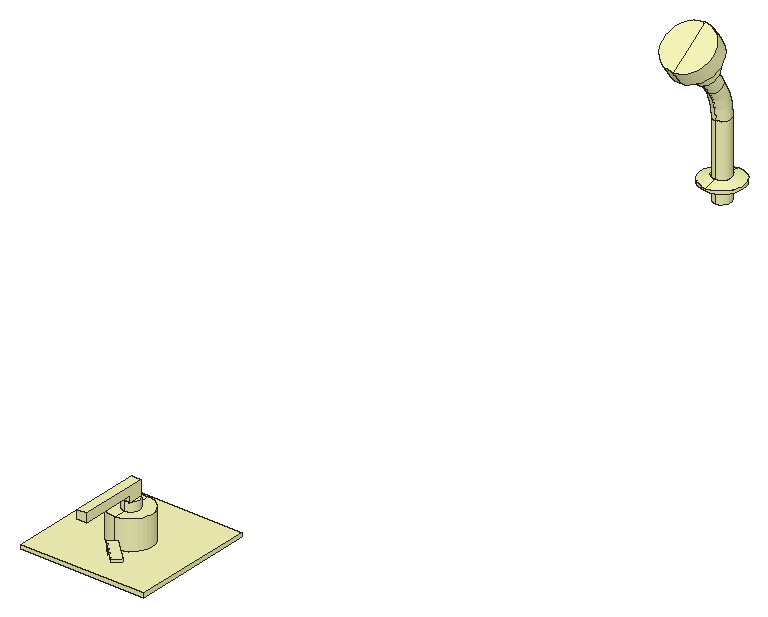
Revit family "Shower_System-Symmons-Duro-Shower-Volume_Control-Trim", category Plumbing Fixtures, host Face, Revit 2015
Parameters (values of type "2.5 GPM Flow Restrictor, Trim, Satin Nickel")
  z Wide Lever [instance] = if(z Has Wide Lever Handle, 1, 0)  # 0
  z Visibility [instance] = if(z Error, 1 = 0, 1 = 1)  # yes
  z Valve = Shower_System_Valve-Symmons-Duro-Shower-Trim : Shower Valve Sytem, Nickel
  z Type Option = 1
  z Type Model = if(z Error, 0, if(z Has Trim, 2, if(z Has Rebuild Kit Trim Only, 3, 1)))  # 2
  z Type GPM = 2.5  # constant formula
  z Type Finish = if(or(z Type = 1, z Type = 3), 1, 2)  # 2
  z Type = 2
  z Slip On Tub [instance] = if(z Has Slip On Tub Spout, 1, 0)  # 0
  z Showerhead = Showerhead-Symmons-Duro-Round : Satin Nickel
  z Reverse Core [instance] = if(z Has Reverse Core, 1, 0)  # 0
  z Pipe Radius [instance] = 0.250"  # constant formula
  z Part Number = if(and(z Type Finish = 1, z Type Model = 1), "S-3601", if(and(z Type Finish = 1, z Type Model = 2), "S-3601-TRM", if(and(z Type Finish = 1, z Type Model = 3), "S-3601-REB-TRM", if(and(z Type Finish = 2, z Type Model = 1), "S-3601-STN", if(and(z Type Finish = 2, z Type Model = 2), "S-3601-STN-TRM", if(and(z Type Finish = 2, z Type Model = 3), "S-3601-STN-REB-TRM", "Not Available"))))))  # "S-3601-STN-TRM"
  z Part Description = if(and(z Type Finish = 1, z Type Model = 1), "Shower System, With Volume Control, Chrome", if(and(z Type Finish = 1, z Type Model = 2), "Trim only, mixing valve ordered separately, Chrome", if(and(z Type Finish = 1, z Type Model = 3), "Rebuild kit, Trim only, Chrome", if(and(z Type Finish = 2, z Type Model = 1), "Shower System, With Volume Control, Satin Nickel", if(and(z Type Finish = 2, z Type Model = 2), "Trim only, mixing valve ordered separately, Satin Nickel", if(and(z Type Finish = 2, z Type Model = 3), "Rebuild kit, Trim only, Satin Nickel", "Not Available"))))))  # "Trim only, mixing valve ordered separately, Satin Nickel"
  z Overall Width [instance] = 7.500"  # constant formula
  z Overall Height [instance] = 57.000"  # constant formula
  z Overall Depth [instance] = 9.325"  # constant formula
  z Offset [instance] = 0.000"  # constant formula
  z Integral Service Stops [instance] = if(z Has Integral Service Stops, 1, 0)  # 0
  z Has Wide Lever Handle [instance] = 1 = 0  # no
  z Has Volume Control [instance] = 1 = 1  # yes
  z Has Trim = z Type Option = 1  # yes
  z Has Slip On Tub Spout [instance] = 1 = 0  # no
  z Has Showerhead [instance] = 1 = 1  # yes
  z Has Reverse Core [instance] = 1 = 0  # no
  z Has Rebuild Kit Trim Only = z Type Option = 2  # no
  z Has Integral Service Stops [instance] = 1 = 0  # no
  z Has Check Stops [instance] = 1 = 0  # no
  z Has 2.0 GPM Flow Restrictor [instance] = 1 = 0  # no
  z Has 1.5 GPM Flow Restrictor [instance] = 1 = 0  # no
  z Has .5 Inch Female Connections [instance] = 1 = 0  # no
  z GPM Number = 2.5  # constant formula
  z GPM GPM = 1.000 GPM
  z Flow Rate [instance] = if(z Has 2.0 GPM Flow Restrictor, 2, if(z Has 1.5 GPM Flow Restrictor, 1, 0))  # 0
  z Error Text = "Error: Rebuild Kit already comes with trim"  # constant formula
  z Error Box Width [instance] = if(z Error, z Overall Width + 5.000", 0.100")  # 0.100"
  z Error Box Height [instance] = if(z Error, z Overall Height + 5.000", 0.100") / 2  # 0.050"
  z Error Box Depth [instance] = if(z Error, z Overall Depth + 5.000", 0.100")  # 0.100"
  z Error = and(z Has Trim, z Has Rebuild Kit Trim Only)  # no
  z .5 Inch Female Connections [instance] = if(z Has .5 Inch Female Connections, 1, 0)  # 0
  z  Showerhead [instance] = if(z Has Showerhead, 1, 0)  # 1
  URL = "http://www.symmons.com/"
  Product data url = "https://bimobject.com/symmonsindustries/product/symmons-s-3601"
  Product Page URL = "http://www.symmons.com/Bathroom-Products/Duro/Symmons-Duro-Shower-System-S-3601.aspx"
  Product Material = Nickel - Symmons - Satin
  Product Documentation Link = "http://www.symmons.com/~/media/Files/Symmons/Products/Duro/S3601_Duro_sub.pdf"
  Part Number [instance] = if(z Error, z Error Text, z Part Number)  # "S-3601-STN-TRM"
  Part Description [instance] = if(z Error, z Error Text, z Part Description)  # "Trim only, mixing valve ordered separately, Satin Nickel"
  Model Disclaimer = "Contact Symmons Industries, Inc. For More Information"  # constant formula
  Model = if(z Error, z Error Text, z Part Number)  # "S-3601-STN-TRM"
  Manufacturer = "Symmons Industries, Inc."  # constant formula
  Gallons Per Minute = z GPM GPM * z GPM Number  # 2.500 GPM
  Family Version = "1.0"  # constant formula
  Equipment Number [instance] = ""
  Equipment Abbreviation = "SS"
  Description = if(z Error, z Error Text, z Part Description)  # "Trim only, mixing valve ordered separately, Satin Nickel"
  Default Elevation = 32.000"  # constant formula
  Date Modified = "January 30, 2015"  # constant formula
  Date Created = "January 30, 2015"  # constant formula
  Copyright = "©2015 Symmons Industries, Inc."  # constant formula
Reference planes (in)
  plane 1 "Center (Front/Back)": y = 0
  plane 2 "Center (Elevation)": z = 0
  plane 3 "Center (Left/Right)": x = 0
  plane 4: x = -3.75
  plane 5: y = 28.5
  plane 6: x = 3.75
  plane 7: z = 0
  plane 8: z = 9.325
  plane 9: y = -12
  plane 10: y = 45
  plane 11: z = 0.1
Dimensions and locks (in)
  equal spacing: plane 4, plane 3 "Center (Left/Right)", plane 6
  "z Overall Width": plane 4 to plane 6
  plane 5 to plane 1 "Center (Front/Back)" = 28.500"
  "z Offset": plane 7 to plane 2 "Center (Elevation)"
  "z Overall Depth": plane 8 to plane 7
  locked: plane 1 "Center (Front/Back)" to plane 9 at 12
  locked: plane 10 to plane 1 "Center (Front/Back)" at 45
  "z Error Box Depth": plane 11 to plane 7
  plane 10 to plane 9 = 57.000"
  aligned and locked: plane 2 "Center (Elevation)" to host face
  aligned and locked: level to host face
  aligned and locked: nested 1 to plane 10
  aligned and locked: plane 3 "Center (Left/Right)" to nested 1
  aligned and locked: plane 1 "Center (Front/Back)" to nested 2
  aligned and locked: plane 3 "Center (Left/Right)" to nested 2
Automatic sketch dimensions
  host sketch curve to host sketch curve = 13.25562"
  host sketch curve to host sketch curve = 53.94283"
Nested families (in)
  nested 1: "Showerhead-Symmons-Duro-Round" at (0, 45, 0), visible <- "z Visibility", type <- "z Showerhead", type "Satin Nickel"
    with z Visible Arm yes, z Visible yes, z Type Arm 2, z Showerhead Position Tilt 34.000°, z Showerhead Position Height 1.250", z Showerhead Position Depth 7.500", z Pipe Radius 0.500", z Overall Width 2.500", z Overall Height 2.500", z Overall Depth 7.500", z Offset 1.000", z Has Short Shower Arm and Flange no, z Has No Shower Arm and Flange no, z Has Long Shower Arm and Flange no, z Error Size 0.125", z Error Message "Error: Medium Shower Arm and Flange Not Available in Satin Nickel", z Error no, Part Number "362SH-STN", Part Description "Showerhead, Round, Satin Nickel", Has Medium Shower Arm and Flange yes, Gallons Per Minute 2.500 GPM, Equipment Number "", Accessory Part Number "Error: Medium Shower Arm and Flange Not Available in Satin Nickel", z Type Material 2
  nested 2: "Shower_System_Valve-Symmons-Duro-Shower-Trim" at (0, 0, 0), Has Wide Lever Handle <- "z Has Wide Lever Handle", Has Trim Only <- "z Has Trim", Has Volume Control <- "z Has Volume Control", Has Reverse Core <- "z Has Reverse Core", Has Integral Service Stops <- "z Has Integral Service Stops", Has Check Stops <- "z Has Check Stops", Has .5 Inch Female IPS Connections <- "z Has .5 Inch Female Connections", visible <- "z Visibility", type <- "z Valve", type "Shower Valve Sytem, Nickel"
    with z VC Visibility yes, z VC Type 1, z Type Wide Lever 0, z Type Service Stop 0, z Type Reverse Core 0, z Type Model 6, z Type IPS Connection 0, z Type Check Stops 0, z Type All 6000002, z Trim Visibility yes, z Pipe Radius 0.250", z Overall Width 7.500", z Overall Height 7.500", z Overall Depth 6.875", z Offset 3.500", z Mixer Valve Visibility no, z Hot Cold Placement 4.000", z Error Type 1, z Error Box Width 0.100", z Error Box Height 0.100", z Error Box Depth 0.100", z Error no, z  Reverse Core Placement 1.750", Part Number "S-3600-TRM-STN", Part Description "Trim only, mixing valve ordered separately,Nickel", Option Selection "Trim Only", Modification Selection "Volume Control", Has Wide Lever Handle no, Has Volume Control yes, Has Trim Only yes, Has Reverse Core no, Has Rebuild Kit Trim Only no, Has Integral Service Stops no, Has Check Stops no, Has .5 Inch Female IPS Connections no, Equipment Number "", Desired Hot Cold Pipe Width 4.000", Actual Hot Cold Pipe Width 4.000", z Type Finish 2
Connectors (in)
  piping at (0, 45, -1), diameter 0.5, driven by "z Pipe Radius", driven by "Gallons Per Minute"
    settings: on nested 1, index 1, connector inside diameter 1/2", connector length 0.000", flow factor 0, pipe flow 2.500 GPM, pressure drop 0.00 psi, fitting loss kfactor 0, connector angle 0.000°, fixture units 0, engagement length 0.000", angle of deflection 0.000°, flow configuration 0, flow direction 1, fitting loss method 0, system type 29, joint type 0, gender type 0, connector reference index -1, connector utility 0, adjustable connector no, is connector primary yes, connector description "Showerhead Supply"
Definition of nested family "Showerhead-Symmons-Duro-Round"
  Parameters
    z Visible Arm [instance] = and(not(z Error), not(z Type Arm = 0))  # yes
    z Visible [instance] = and(not(z Error))  # yes
    z Type Material = 1
    z Type GPM = 2.5
    z Type Arm [instance] = if(z Has Short Shower Arm and Flange, 1, if(Has Medium Shower Arm and Flange, 2, if(z Has Long Shower Arm and Flange, 3, 0)))  # 2
    z Showerhead Position Tilt [instance] = if(z Type Arm = 0, 0.000°, 34.000°)  # 34.000°
    z Showerhead Position Height [instance] = if(z Type Arm = 0, 0.000", 1.250")  # 1.250"
    z Showerhead Position Depth [instance] = if(z Type Arm = 0, z Offset, z Overall Depth)  # 7.500"
    z Pipe Radius [instance] = 0.500"  # constant formula
    z Overall Width [instance] = 2.500"  # constant formula
    z Overall Height [instance] = 2.500"  # constant formula
    z Overall Depth [instance] = if(z Type Arm = 1, 5.125", if(z Type Arm = 2, 7.500", if(z Type Arm = 3, 9.000", 7.500")))  # 7.500"
    z Offset [instance] = 1.000"  # constant formula
    z Has Short Shower Arm and Flange [instance] = 1 = 0  # no
    z Has No Shower Arm and Flange [instance] = not(or(z Has Short Shower Arm and Flange, Has Medium Shower Arm and Flange, z Has Long Shower Arm and Flange))  # no
    z Has Long Shower Arm and Flange [instance] = 1 = 0  # no
    z GPM Number = z Type GPM  # 2.5
    z GPM GPM = 1.000 GPM
    z Error Size [instance] = if(z Error, 15.000", 0.125")  # 0.125"
    z Error Message [instance] = if(Has Medium Shower Arm and Flange, if(z Type Material = 2, "Error: Medium Shower Arm and Flange Not Available in Satin Nickel", if(z Has Short Shower Arm and Flange, "Error: Select One Shower Arm and Flange Option", if(z Has Long Shower Arm and Flange, "Error: Select One Shower Arm and Flange Option", "No Error"))), if(z Has Long Shower Arm and Flange, if(z Has Short Shower Arm and Flange, "Error: Select One Shower Arm and Flange Option", "No Error"), "No Error"))  # "No Error"
    z Error [instance] = 1 = 0  # no
    URL = "http://www.symmons.com/"
    Product Page URL = "http://www.symmons.com/Bathroom-Products/Duro/Symmons-Duro-Showerhead-362SH.aspx"
    Product Material = none
    Product Documentation Link = "http://www.symmons.com/Bathroom-Products/Duro/Symmons-Duro-Showerhead-362SH.aspx"
    Part Number [instance] = Model  # "362SH"
    Part Description [instance] = Description  # "Showerhead, Round, Chrome"
    Model Disclaimer = "Contact Symmons Industries, Inc. For More Information"  # constant formula
    Model = if(and(z Type Material = 1, z Type GPM = 2.5), "362SH", if(and(z Type Material = 1, z Type GPM = 2), "362SH-2.0", if(and(z Type Material = 2, z Type GPM = 2.5), "362SH-STN", if(and(z Type Material = 2, z Type GPM = 2), "362SH-STN-2.0", "Not Available"))))  # "362SH"
    Manufacturer = "Symmons Industries, Inc."  # constant formula
    Has Medium Shower Arm and Flange [instance] = yes
    Gallons Per Minute [instance] = z GPM GPM * z GPM Number  # 2.500 GPM
    Family Version = "1.0"  # constant formula
    Equipment Number [instance] = ""
    Equipment Abbreviation = "SH"
    Description = if(and(z Type Material = 1, z Type GPM = 2.5), "Showerhead, Round, Chrome", if(and(z Type Material = 1, z Type GPM = 2), "Showerhead, Round, Chrome", if(and(z Type Material = 2, z Type GPM = 2.5), "Showerhead, Round, Satin Nickel", if(and(z Type Material = 2, z Type GPM = 2), "Showerhead, Round, Satin Nickel ", "Not Available"))))  # "Showerhead, Round, Chrome"
    Default Elevation = 77.000"  # constant formula
    Date Modified = "January 30, 2015"  # constant formula
    Date Created = "January 30, 2015"  # constant formula
    Copyright = "©2015 Symmons Industries, Inc."  # constant formula
    Accessory Part Number [instance] = if(z Error, z Error Message, if(z Has Short Shower Arm and Flange, if(z Type Material = 1, "300S", if(z Type Material = 2, "300S-STN", "Not Available")), if(Has Medium Shower Arm and Flange, if(z Type Material = 1, "300M", "Error: Medium Shower Arm and Flange Not Available in Satin Nickel"), if(z Has Long Shower Arm and Flange, if(z Type Material = 1, "300PNL", if(z Type Material = 2, "300PNL-STN", "Not Available")), "No Accessory Selected"))))  # "300M"
  Reference planes (in)
    plane 1 "Center (Front/Back)": y = 0
    plane 2 "Center (Elevation)": z = 0
    plane 3 "Center (Left/Right)": x = 0
    plane 4: x = -1.25
    plane 5: y = 1.25
    plane 6: y = -1.25
    plane 7: x = 1.25
    plane 8: z = -1
    plane 9: z = 6.5
    plane 10: z = 0
    plane 11: y = -0.5
    plane 12: z = 0.33234
    plane 13: z = 0.15
    plane 14: y = -0.5695
    plane 15: x = 0.0625
    plane 16: x = -0.0625
    plane 17: y = 0.0625
    plane 18: y = -0.0625
    plane 19: z = 0.125
    plane 20: z = 6.5
    plane 21: y = -1.25
  Forms (in)
    Extrusion 1, solid
      sketch origin (0, 0, 0) x (1, 0, 0) y (0, 1, 0)
        loop
          line (-12, 12) -> (-12, -12) -> (12, -12) -> (12, 12) -> (-12, 12)
      from 0 to -1
    Revolve 2, solid, material <- "Product Material", visible <- "z Visible Arm"
      sketch origin (0, 0, 0) x (0, 1, 0) y (0, 0, 1)
        loop
          line (-0.5, -1) -> (0, -1) -> (0, 0.33234) -> (-0.5695, 0.33234) -> (-1.25, 0.15) -> (-1.25, 0) -> (-0.5, 0) -> (-0.5, -1)
        axis (0, -1) -> (0, 0.33234)
      angle from 0 to 360
    Sweep 3, solid, material <- "Product Material", visible <- "z Visible Arm"
      path origin (0, 0, 0) x (0, 1, 0) y (0, 0, 1)
        loop
          line (0, 0.33234) -> (0, 3.54066)
          arc (0, 3.54066) -> (-0.15794, 4.59778) -> (-0.61795, 5.56257) r 3.61676
          line (-0.61795, 5.56257) -> (-1.25, 6.5)
      profile origin (0, 0, 1.9365) x (0, -1, 0) y (1, 0, 0)
        loop
          circle (0, 0) r 0.5
    Revolve 4, solid, material <- "Product Material", visible <- "z Visible"
      sketch origin (0, -1.25, 6.5) x (0, -0.559193, 0.829038) y (0, -0.829038, -0.559193)
        loop
          line (0, 0) -> (2.30603, 0) -> (2.30603, 1.5) -> (1.33882, 1.5) -> (0.75, 0.75) -> (0, 0.75) -> (0, 0)
        axis (0, 0) -> (2.30603, 0)
      angle from 0 to 360
    Extrusion 5, solid, visible <- "z Error"
      sketch origin (0, 0, 0) x (1, 0, 0) y (0, 1, 0)
        loop
          line (-0.0625, 0.0625) -> (-0.0625, -0.0625) -> (0.0625, -0.0625) -> (0.0625, 0.0625) -> (-0.0625, 0.0625)
      from 0 to 0.125
  Cuts and joins
    joined: Revolve 2, Sweep 3
  Lines and regions (in)
    Masking region 1
      outline origin (0, 0, 0) x (1, 0, 0) y (0, 0, 1)
        loop
          line (-1.25, 0) -> (-0.5, 0) -> (-0.5, -1) -> (0.5, -1) -> (0.5, 0) -> (1.25, 0) -> (1.25, 0.14959) -> (0.5695, 0.33234) -> (0.5, 0.33234) -> (0.5, 6.26256)
          spline (0.5, 6.26256) -> (0.53792, 6.27801) -> (0.5732, 6.29456) -> (0.60567, 6.31211) -> (0.63516, 6.33059) -> (0.66153, 6.3499) -> (0.68465, 6.36995) -> (0.70441, 6.39063) -> (0.72072, 6.41185) -> (0.73348, 6.43351) -> (0.74264, 6.45549) -> (0.74816, 6.47769) -> (0.75, 6.5)
          line (0.75, 6.5) -> (0.75, 7.07479) -> (1.25, 7.36347) -> (1.49591, 7.60938) -> (1.49591, 8.60938)
          spline (1.49591, 8.60938) -> (1.44494, 8.76866) -> (1.2955, 8.91709) -> (1.05777, 9.04454) -> (0.74795, 9.14235) -> (0.38717, 9.20383) -> (0, 9.2248) -> (-0.38717, 9.20383) -> (-0.74795, 9.14235) -> (-1.05777, 9.04454) -> (-1.2955, 8.91709) -> (-1.44494, 8.76866) -> (-1.49591, 8.60938)
          line (-1.49591, 8.60938) -> (-1.49591, 7.60938) -> (-1.25, 7.36347) -> (-0.75, 7.07479) -> (-0.75, 6.5)
          spline (-0.75, 6.5) -> (-0.74816, 6.47769) -> (-0.74264, 6.45549) -> (-0.73348, 6.43351) -> (-0.72072, 6.41185) -> (-0.70441, 6.39063) -> (-0.68465, 6.36995) -> (-0.66153, 6.3499) -> (-0.63516, 6.33059) -> (-0.60567, 6.31211) -> (-0.5732, 6.29456) -> (-0.53792, 6.27801) -> (-0.5, 6.26256)
          line (-0.5, 6.26256) -> (-0.5, 0.33234) -> (-0.5695, 0.33234) -> (-1.25, 0.14959) -> (-1.25, 0)
    reference lines
      curve 1: line (0, -1.25, 6.5) -> (0, -2.53951, 8.41178)
    symbolic lines, detail levels fine
      curve 2: line (-0.5, 0, 0.33234) -> (0.5, 0, 0.33234)
      curve 3: line (-1.25, 0, 0.14959) -> (1.25, 0, 0.14959)
      curve 4: spline (-0.5, 0, 6.26256) -> (-0.67885, 0, 6.36457) -> (-0.74948, 0, 6.48818) -> (-0.70063, 0, 6.61367) -> (-0.54008, 0, 6.72104) -> (-0.29343, 0, 6.79317) -> (0, 0, 6.81857) -> (0.29343, 0, 6.79317) -> (0.54008, 0, 6.72104) -> (0.70063, 0, 6.61367) -> (0.74948, 0, 6.48818) -> (0.67885, 0, 6.36457) -> (0.5, 0, 6.26256)
      curve 5: spline (-1.49591, 1.25, 7.60938) -> (-1.44494, 1.25, 7.80085) -> (-1.2955, 1.25, 7.97927) -> (-1.05777, 1.25, 8.13249) -> (-0.74795, 1.25, 8.25006) -> (-0.38717, 1.25, 8.32397) -> (0, 1.25, 8.34917) -> (0.38717, 1.25, 8.32397) -> (0.74795, 1.25, 8.25006) -> (1.05777, 1.25, 8.13249) -> (1.2955, 1.25, 7.97927) -> (1.44494, 1.25, 7.80085) -> (1.49591, 1.25, 7.60938)
      curve 6: spline (-0.5, 1.25, 6.5) -> (-0.48296, 1.25, 6.55497) -> (-0.43301, 1.25, 6.60619) -> (-0.35355, 1.25, 6.65017) -> (-0.25, 1.25, 6.68392) -> (-0.12941, 1.25, 6.70514) -> (0, 1.25, 6.71238) -> (0.12941, 1.25, 6.70514) -> (0.25, 1.25, 6.68392) -> (0.35355, 1.25, 6.65017) -> (0.43301, 1.25, 6.60619) -> (0.48296, 1.25, 6.55497) -> (0.5, 1.25, 6.5)
      curve 7: line (-0.5, 1.25, 6.5) -> (-0.5, 1.25, 6.26256)
      curve 8: line (0.5, 1.25, 6.5) -> (0.5, 1.25, 6.26256)
  Dimensions and locks (in)
    equal spacing: plane 4, plane 3 "Center (Left/Right)", plane 7
    "z Overall Width": plane 4 to plane 7
    equal spacing: plane 5, plane 1 "Center (Front/Back)", plane 6
    "z Overall Height": plane 5 to plane 6
    "z Overall Depth": plane 9 to plane 8
    plane 12 to plane 13 to plane 10 to plane 8 = 0.18234" locked, 0.150" locked, 1.000" locked
    plane 6 to plane 14 to plane 11 = 0.6805" locked, 0.0695" locked
    "z Offset": plane 2 "Center (Elevation)" to plane 8
    plane 9 to Sweep 3 sketch curve to Sweep 3 sketch curve = 0.93743" locked, 2.0219" locked
    Sweep 3 sketch curve to Sweep 3 sketch curve to plane 1 "Center (Front/Back)" = 0.63205" locked, 0.61795" locked
    equal spacing: plane 16, plane 3 "Center (Left/Right)", plane 15
    equal spacing: plane 18, plane 1 "Center (Front/Back)", plane 17
    "z Error Size": plane 16 to plane 15
    "z Error Size": plane 17 to plane 18
    "z Error Size": plane 19 to plane 2 "Center (Elevation)"
    "z Showerhead Position Height": plane 21 to plane 1 "Center (Front/Back)"
    "z Showerhead Position Depth": plane 20 to plane 8
    curve 1 to Revolve 4 sketch curve to Revolve 4 sketch curve = 0.750" locked, 0.750" locked
    Revolve 4 sketch curve to Revolve 4 sketch curve to Revolve 4 sketch curve = 0.58882" locked, 0.96721" locked
    Masking region 1 sketch curve to Masking region 1 sketch curve to Masking region 1 sketch curve to Masking region 1 sketch curve to Masking region 1 sketch curve to Masking region 1 sketch curve to Masking region 1 sketch curve to Masking region 1 sketch curve to Masking region 1 sketch curve to Masking region 1 sketch curve = 0.74591" locked, 0.1805" locked, 0.0695" locked, 0.000" locked, 1.000" locked, 0.000" locked, 0.0695" locked, 0.1805" locked, 0.74591" locked
    locked: Masking region 1 sketch curve to Masking region 1 sketch curve at 0
    curve 2 to curve 2 = 1.000"
    locked: curve 2 to curve 2 at 1
    curve 4 to curve 4 = 1.000"
    locked: curve 4 to curve 4 at 1
    locked: curve 5 to curve 5 at 2.99182
    locked: curve 5 to curve 5 at 0
    Masking region 1 sketch curve to Masking region 1 sketch curve to Masking region 1 sketch curve to Masking region 1 sketch curve = 0.000" locked, 0.23744" locked, 0.000" locked
    equal spacing: Masking region 1, plane 3 "Center (Left/Right)", Masking region 1
    locked: curve 5 to curve 5 at 0.7398
    locked: curve 4 to curve 4 at 0.31857
    locked: curve 7 to curve 8
    equal spacing: curve 7, plane 3 "Center (Left/Right)", curve 8
    locked: curve 7 to curve 8 at 1
    "z Showerhead Position Tilt": angle plane 21 to curve 1
    aligned and locked: plane 2 "Center (Elevation)" to Extrusion 1
    aligned and locked: level to Extrusion 1
    aligned and locked: Revolve 2 sketch curve to plane 1 "Center (Front/Back)"  (x2)
    aligned and locked: plane 10 to Revolve 2 sketch curve
    aligned and locked: plane 6 to Revolve 2 sketch curve  (x2)
    aligned and locked: Revolve 2 sketch curve to plane 12
    aligned and locked: Revolve 2 sketch curve to plane 8
    aligned and locked: Revolve 2 sketch curve to plane 11
    aligned and locked: plane 13 to Revolve 2 sketch curve
    aligned and locked: Revolve 2 sketch curve to plane 14
    aligned and locked: plane 1 "Center (Front/Back)" to Sweep 3 sketch curve
    aligned and locked: plane 3 "Center (Left/Right)" to Sweep 3 sketch curve
    aligned and locked: Sweep 3 sketch curve to plane 1 "Center (Front/Back)"
    aligned and locked: plane 16 to Extrusion 5 sketch curve
    aligned and locked: Extrusion 5 sketch curve to plane 15
    aligned and locked: Extrusion 5 sketch curve to plane 17
    aligned and locked: plane 18 to Extrusion 5 sketch curve
    aligned and locked: plane 19 to Extrusion 5
    aligned and locked: Extrusion 5 to plane 2 "Center (Elevation)"
    aligned and locked: curve 1 to Revolve 4 sketch curve
    aligned and locked: Revolve 4 sketch curve to curve 1  (x3)
    aligned and locked: plane 20 to curve 1
    aligned and locked: plane 21 to curve 1
  Automatic sketch dimensions
    Extrusion 1 sketch curve to Extrusion 1 sketch curve = 24.000"  (x2)
    Revolve 2 sketch curve to level = 24.000"
    plane 9 to Revolve 2 sketch curve = 79.77586"
    Sweep 3 sketch curve to plane 9 = 0.000"
    level to Sweep 3 sketch curve = 0.33234"
    Revolve 4 sketch curve to curve 1 = 0.11557"
    curve 1 to Revolve 4 sketch curve = 1.8284"
    plane 19 to curve 2 = 0.20734"
    curve 2 to plane 16 = 0.4375"
    curve 3 to plane 4 = 0.000"
    curve 4 to plane 9 = 0.000"
    curve 4 to plane 3 "Center (Left/Right)" = 0.000"
    curve 3 to plane 7 = 0.000"
    curve 4 to curve 4 = 0.250"
    plane 19 to curve 3 = 0.02459"
    curve 4 to plane 9 = 0.23744"
    curve 5 to plane 3 "Center (Left/Right)" = 0.000"
    plane 9 to curve 5 = 1.10938"
    Masking region 1 sketch curve to plane 4 = 0.000"  (x2)
    Masking region 1 sketch curve to plane 9 = 0.000"
    Masking region 1 sketch curve to level = 0.000"  (x2)
    Masking region 1 sketch curve to plane 8 = 0.000"
    Masking region 1 sketch curve to plane 3 "Center (Left/Right)" = 0.000"  (x3)
    Masking region 1 sketch curve to plane 7 = 0.000"  (x2)
    plane 19 to Masking region 1 sketch curve = 0.02459"  (x2)
    plane 19 to Masking region 1 sketch curve = 0.20734"
    Masking region 1 sketch curve to Masking region 1 sketch curve = 0.57479"  (x2)
    Masking region 1 sketch curve to Masking region 1 sketch curve = 0.28868"  (x2)
    Masking region 1 sketch curve to Masking region 1 sketch curve = 0.24591"  (x2)
    Masking region 1 sketch curve to Masking region 1 sketch curve = 1.000"
    curve 8 to plane 9 = 0.000"
    curve 8 to plane 9 = 0.23744"
    radius of Sweep 3 sketch curve = 0.500"
  Connectors (in)
    piping at (0, 0, -1), diameter 1, driven by "z Pipe Radius", driven by "Gallons Per Minute"
      settings: on Revolve 2, index 1, connector inside diameter 1", connector length 0.000", flow factor 0, pipe flow 2.500 GPM, pressure drop 0.00 psi, fitting loss kfactor 0, connector angle 0.000°, fixture units 0, engagement length 0.000", angle of deflection 0.000°, flow configuration 0, flow direction 1, fitting loss method 0, system type 22, joint type 0, gender type 0, connector reference index -1, connector utility 0, adjustable connector no, is connector primary yes, connector description "Shower Head Water Supply"
Definition of nested family "Shower_System_Valve-Symmons-Duro-Shower-Trim"
  Parameters
    z VC Visibility [instance] = if(z Error, 1 = 0, if(Has Volume Control, 1 = 1, 1 = 0))  # yes
    z VC Type [instance] = if(Has Volume Control, 1, 0)  # 1
    z Type Wide Lever [instance] = if(Has Wide Lever Handle, 1, 0)  # 0
    z Type Service Stop [instance] = if(Has Integral Service Stops, 1, 0)  # 0
    z Type Reverse Core [instance] = if(Has Reverse Core, 1, 0)  # 0
    z Type Model [instance] = if(and(Has Volume Control, z Has Symmons Temptrol Mixing Valve Only), 8, if(and(Has Volume Control, Has Trim Only), 6, if(and(Has Volume Control, Has Rebuild Kit Trim Only), 7, if(z Has Symmons Temptrol Mixing Valve Only, 4, if(Has Volume Control, 5, if(Has Trim Only, 2, if(Has Rebuild Kit Trim Only, 3, 1)))))))  # 5
    z Type IPS Connection [instance] = if(Has .5 Inch Female IPS Connections, 1, 0)  # 0
    z Type Finish = 1
    z Type Check Stops [instance] = if(Has Check Stops, 1, 0)  # 0
    z Type All [instance] = (z Type Model * 1000000) + (z Type IPS Connection * 100000) + (z Type Service Stop * 10000) + (z Type Check Stops * 1000) + (z Type Reverse Core * 100) + (z Type Wide Lever * 10) + (z Type Finish * 1)  # 5000001
    z Trim Visibility [instance] = if(z Error, 1 = 0, if(z Has Symmons Temptrol Mixing Valve Only, 1 = 0, 1 = 1))  # yes
    z Pipe Radius [instance] = 0.250"  # constant formula
    z Overall Width [instance] = 7.500"  # constant formula
    z Overall Height [instance] = 7.500"  # constant formula
    z Overall Depth [instance] = 6.875"  # constant formula
    z Offset [instance] = 3.500"  # constant formula
    z Mixer Valve Visibility [instance] = if(z Error, 1 = 0, if(or(Has Rebuild Kit Trim Only, Has Trim Only), 1 = 0, 1 = 1))  # yes
    z Hot Cold Placement [instance] = Actual Hot Cold Pipe Width  # 4.000"
    z Error Type [instance] = if(z Has Symmons Temptrol Mixing Valve Only, 1, 0) + if(Has Trim Only, 1, 0) + if(Has Rebuild Kit Trim Only, 1, 0)  # 0
    z Error Box Width [instance] = if(z Error, 10.000", 0.100")  # 0.100"
    z Error Box Height [instance] = if(z Error, 10.000", 0.100")  # 0.100"
    z Error Box Depth [instance] = if(z Error, 10.000", 0.100")  # 0.100"
    z Error [instance] = if(and(z VC Type = 1, Has .5 Inch Female IPS Connections, Has Integral Service Stops), 1 = 1, if(and(Has Reverse Core, not(Has Integral Service Stops)), 1 = 1, if(and(Has Check Stops, not(Has Integral Service Stops)), 1 = 1, if(z Error Type > 1, 1 = 1, if(and(z Has Symmons Temptrol Mixing Valve Only, Has Wide Lever Handle), 1 = 1, 1 = 0)))))  # no
    z  Reverse Core Placement [instance] = if(Has Reverse Core, z Hot Cold Placement + 1.750", 1.750")  # 1.750"
    URL = "http://www.symmons.com/"
    Product Page URL = ""
    Product Material = none
    Part Number [instance] = if(and(z Error, z Error Type > 1), Option Selection, if(z Error, Modification Selection, if(z Type All = 1000001, "3600", if(z Type All = 1100001, "3600-IPS", if(z Type All = 1010001, "3600-X", if(z Type All = 1110001, "3600-X-IPS", if(z Type All = 1001001, "3600-CHKS", if(z Type All = 1101001, "3600-IPS-CHKS", if(z Type All = 1011001, "3600-X-CHKS", if(z Type All = 1111001, "3600-X-IPS-CHKS", if(z Type All = 1000101, "3600-REV", if(z Type All = 1100101, "3600-IPS-REV", if(z Type All = 1010101, "3600-X-REV", if(z Type All = 1110101, "3600-X-IPS-REV", if(z Type All = 1001101, "3600-CHKS-REV", if(z Type All = 1101101, "3600-IPS-CHKS-REV", if(z Type All = 1011101, "3600-X-CHKS-REV", if(z Type All = 1111101, "3600-X-IPS-CHKS-REV", if(z Type All = 1000011, "3600-LW", if(z Type All = 1100011, "3600-IPS-LW", if(z Type All = 1010011, "3600-X-LW", if(z Type All = 1110011, "3600-X-IPS-LW", if(z Type All = 1001011, "3600-CHKS-LW", if(z Type All = 1101011, "3600-IPS-CHKS-LW", if(z Type All = 1011011, "3600-X-CHKS-LW", if(z Type All = 1111011, "3600-X-IPS-CHKS-LW", if(z Type All = 1111111, "3600-X-IPS-CHKS-REV-LW", if(z Type All = 1000002, "3600-STN", if(z Type All = 1100002, "3600-IPS-STN", if(z Type All = 1010002, "3600-X-STN", if(z Type All = 1110002, "3600-X-IPS-STN", if(z Type All = 1001002, "3600-CHKS-STN", if(z Type All = 1101002, "3600-IPS-CHKS-STN", if(z Type All = 1011002, "3600-X-CHKS-STN", if(z Type All = 1111002, "3600-X-IPS-CHKS-STN", if(z Type All = 1000102, "3600-REV-STN", if(z Type All = 1100102, "3600-IPS-REV-STN", if(z Type All = 1010102, "3600-X-REV-STN", if(z Type All = 1110102, "3600-X-IPS-REV-STN", if(z Type All = 1001102, "3600-CHKS-REV-STN", if(z Type All = 1101102, "3600-IPS-CHKS-REV-STN", if(z Type All = 1011102, "3600-X-CHKS-REV-STN", if(z Type All = 1111102, "3600-X-IPS-CHKS-REV-STN", if(z Type All = 1000002, "3600-STN", if(z Type All = 1100002, "3600-IPS-STN", if(z Type All = 1010002, "3600-X-STN", if(z Type All = 1110002, "3600-X-IPS-STN", if(z Type All = 1001002, "3600-CHKS-STN", if(z Type All = 1101002, "3600-IPS-CHKS-STN", if(z Type All = 1011002, "3600-X-CHKS-STN", if(z Type All = 1111002, "3600-X-IPS-CHKS-STN", if(z Type All = 1111102, "3600-X-IPS-CHKS-REV-STN", if(z Type All = 2000001, "3600-TRM", if(z Type All = 2000002, "3600-TRM-STN", if(z Type All = 3000001, "3600-REB-TRM", if(z Type All = 3000001, "3600-REB-TRM", if(z Type All = 3000002, "3600-REB-TRM-STN", if(z Type All = 3000012, "3600-REB-TRM-STN", if(z Type All = 4000000, "4000-BODY", if(z Type All = 4100000, "4000-BODY-IPS", if(z Type All = 4010000, "4000-X-BODY", if(z Type All = 4110000, "4000-X-BODY-IPS", if(z Type All = 4001000, "4000-BODY-CHKS", if(z Type All = 4101000, "4000-BODY-IPS-CHKS", if(z Type All = 4011000, "4000-X-BODY-CHKS", if(z Type All = 4111000, "4000-X-BODY-IPS-CHKS", if(z Type All = 4000100, "4000-BODY-REV", if(z Type All = 4100100, "4000-BODY-IPS-REV", if(z Type All = 4010100, "4000-X-BODY-REV", if(z Type All = 4110100, "4000-X-BODY-IPS-REV", if(z Type All = 4001100, "4000-BODY-CHKS-REV", if(z Type All = 4101100, "4000-BODY-IPS-CHKS-REV", if(z Type All = 4011100, "4000-X-BODY-CHKS-REV", if(z Type All = 4111100, "4000-X-BODY-IPS-CHKS-REV", if(z Type All = 5000001, "S-3600", if(z Type All = 5100001, "S-3600-IPS", if(z Type All = 5010001, "S-3600-X", if(z Type All = 5110001, "S-3600-X-IPS", if(z Type All = 5001001, "S-3600-CHKS", if(z Type All = 5101001, "S-3600-IPS-CHKS", if(z Type All = 5011001, "S-3600-X-CHKS", if(z Type All = 5111001, "S-3600-X-IPS-CHKS", if(z Type All = 5000101, "S-3600-REV", if(z Type All = 5100101, "S-3600-IPS-REV", if(z Type All = 5010101, "S-3600-X-REV", if(z Type All = 5110101, "S-3600-X-IPS-REV", if(z Type All = 5001101, "S-3600-CHKS-REV", if(z Type All = 5101101, "S-3600-IPS-CHKS-REV", if(z Type All = 5011101, "S-3600-X-CHKS-REV", if(z Type All = 5111101, "S-3600-X-IPS-CHKS-REV", if(z Type All = 5000011, "S-3600-LW", if(z Type All = 5100011, "S-3600-IPS-LW", if(z Type All = 5010011, "S-3600-X-LW", if(z Type All = 5110011, "S-3600-X-IPS-LW", if(z Type All = 5001011, "S-3600-CHKS-LW", if(z Type All = 5101011, "S-3600-IPS-CHKS-LW", if(z Type All = 5011011, "S-3600-X-CHKS-LW", if(z Type All = 5111011, "S-3600-X-IPS-CHKS-LW", if(z Type All = 5111111, "S-3600-X-IPS-CHKS-REV-LW", if(z Type All = 5000002, "S-3600-STN", if(z Type All = 5100002, "S-3600-IPS-STN", if(z Type All = 5010002, "S-3600-X-STN", if(z Type All = 5110002, "S-3600-X-IPS-STN", if(z Type All = 5001002, "S-3600-CHKS-STN", if(z Type All = 5101002, "S-3600-IPS-CHKS-STN", if(z Type All = 5011002, "S-3600-X-CHKS-STN", if(z Type All = 5111002, "S-3600-X-IPS-CHKS-STN", if(z Type All = 5000102, "S-3600-REV-STN", if(z Type All = 5100102, "S-3600-IPS-REV-STN", if(z Type All = 5010102, "S-3600-X-REV-STN", if(z Type All = 5110102, "S-3600-X-IPS-REV-STN", if(z Type All = 5001102, "S-3600-CHKS-REV-STN", if(z Type All = 5101102, "S-3600-IPS-CHKS-REV-STN", if(z Type All = 5011102, "S-3600-X-CHKS-REV-STN", if(z Type All = 5111102, "S-3600-X-IPS-CHKS-REV-STN", if(z Type All = 5000002, "S-3600-STN", if(z Type All = 5100002, "S-3600-IPS-STN", if(z Type All = 5010002, "S-3600-X-STN", if(z Type All = 5110002, "S-3600-X-IPS-STN", if(z Type All = 5001002, "S-3600-CHKS-STN", if(z Type All = 5101002, "S-3600-IPS-CHKS-STN", if(z Type All = 5011002, "S-3600-X-CHKS-STN", if(z Type All = 5111002, "S-3600-X-IPS-CHKS-STN", if(z Type All = 5111102, "S-3600-X-IPS-CHKS-REV-STN", if(z Type All = 6000001, "S-3600-TRM", if(z Type All = 6000002, "S-3600-TRM-STN", if(z Type All = 7000001, "S-3600-REB-TRM", if(z Type All = 7000001, "S-3600-REB-TRM", if(z Type All = 7000002, "S-3600-REB-TRM-STN", if(z Type All = 7000012, "S-3600-REB-TRM-STN", if(z Type All = 8000000, "4001-BODY", if(z Type All = 8100000, "4001-BODY-IPS", if(z Type All = 8010000, "4001-X-BODY", if(z Type All = 8110000, "4001-X-BODY-IPS", if(z Type All = 8001000, "4001-BODY-CHKS", if(z Type All = 8101000, "4001-BODY-IPS-CHKS", if(z Type All = 8011000, "4001-X-BODY-CHKS", if(z Type All = 8111000, "4001-X-BODY-IPS-CHKS", if(z Type All = 8000100, "4001-BODY-REV", if(z Type All = 8100100, "4001-BODY-IPS-REV", if(z Type All = 8010100, "4001-X-BODY-REV", if(z Type All = 8110100, "4001-X-BODY-IPS-REV", if(z Type All = 8001100, "4001-BODY-CHKS-REV", if(z Type All = 8101100, "4001-BODY-IPS-CHKS-REV", if(z Type All = 8011100, "4001-X-BODY-CHKS-REV", if(z Type All = 8111100, "4001-X-BODY-IPS-CHKS-REV", "Not Available"))))))))))))))))))))))))))))))))))))))))))))))))))))))))))))))))))))))))))))))))))))))))))))))))))))))))))))))))))))))))))))))))))))))))))))))))))  # "S-3600"
    Part Description [instance] = if(and(z Error, z Error Type > 1), Option Selection, if(z Error, Modification Selection, if(z Type All = 1000001, "Shower Valve System with Symmons Temptrol mixing valve,Chrome", if(z Type All = 1100001, "Shower Valve System with Symmons Temptrol mixing valve,.5  inch female IPS connections,Chrome", if(z Type All = 1010001, "Shower Valve System with Symmons Temptrol mixing valve,Integral service stops,Chrome", if(z Type All = 1110001, "Shower Valve System with Symmons Temptrol mixing valve,Integral service stops,.5  inch female IPS connections,Chrome", if(z Type All = 1001001, "Shower Valve System with Symmons Temptrol mixing valve, Integral Check Stops,Chrome", if(z Type All = 1101001, "Shower Valve System with Symmons Temptrol mixing valve,.5  inch female IPS connections, Integral Check Stops,Chrome", if(z Type All = 1011001, "Shower Valve System with Symmons Temptrol mixing valve,Integral service stops, Integral Check Stops,Chrome", if(z Type All = 1111001, "Shower Valve System with Symmons Temptrol mixing valve,Integral service stops,.5  inch female IPS connections, Integral Check Stops,Chrome", if(z Type All = 1000101, "Shower Valve System with Symmons Temptrol mixing valve,w/ Reverse Core,Chrome", if(z Type All = 1100101, "Shower Valve System with Symmons Temptrol mixing valve,.5  inch female IPS connections,w/ Reverse Core,Chrome", if(z Type All = 1010101, "Shower Valve System with Symmons Temptrol mixing valve,Integral service stops,w/ Reverse Core,Chrome", if(z Type All = 1110101, "Shower Valve System with Symmons Temptrol mixing valve,Integral service stops,.5  inch female IPS connections,w/ Reverse Core,Chrome", if(z Type All = 1001101, "Shower Valve System with Symmons Temptrol mixing valve, Integral Check Stops,w/ Reverse Core,Chrome", if(z Type All = 1101101, "Shower Valve System with Symmons Temptrol mixing valve,.5  inch female IPS connections, Integral Check Stops,w/ Reverse Core,Chrome", if(z Type All = 1011101, "Shower Valve System with Symmons Temptrol mixing valve,Integral service stops, Integral Check Stops,w/ Reverse Core,Chrome", if(z Type All = 1111101, "Shower Valve System with Symmons Temptrol mixing valve,Integral service stops,.5  inch female IPS connections, Integral Check Stops,w/ Reverse Core,Chrome", if(z Type All = 1000011, "Shower Valve System with Symmons Temptrol mixing valve,Wide Lever Handle", if(z Type All = 1100011, "Shower Valve System with Symmons Temptrol mixing valve,.5  inch female IPS connections,Wide Lever Handle", if(z Type All = 1010011, "Shower Valve System with Symmons Temptrol mixing valve,Integral service stops,Wide Lever Handle", if(z Type All = 1110011, "Shower Valve System with Symmons Temptrol mixing valve,Integral service stops,.5  inch female IPS connections,Wide Lever Handle", if(z Type All = 1001011, "Shower Valve System with Symmons Temptrol mixing valve, Integral Check Stops,Wide Lever Handle", if(z Type All = 1101011, "Shower Valve System with Symmons Temptrol mixing valve,.5  inch female IPS connections, Integral Check Stops,Wide Lever Handle", if(z Type All = 1011011, "Shower Valve System with Symmons Temptrol mixing valve,Integral service stops, Integral Check Stops,Wide Lever Handle", if(z Type All = 1111011, "Shower Valve System with Symmons Temptrol mixing valve,Integral service stops,.5  inch female IPS connections, Integral Check Stops,Wide Lever Handle", if(z Type All = 1111111, "Shower Valve System with Symmons Temptrol mixing valve,Integral service stops,.5  inch female IPS connections, Integral Check Stops,w/ Reverse Core,Wide Lever Handle", if(z Type All = 1000002, "Shower Valve System with Symmons Temptrol mixing valve,Nickel", if(z Type All = 1100002, "Shower Valve System with Symmons Temptrol mixing valve,.5  inch female IPS connections,Nickel", if(z Type All = 1010002, "Shower Valve System with Symmons Temptrol mixing valve,Integral service stops,Nickel", if(z Type All = 1110002, "Shower Valve System with Symmons Temptrol mixing valve,Integral service stops,.5  inch female IPS connections,Nickel", if(z Type All = 1001002, "Shower Valve System with Symmons Temptrol mixing valve, Integral Check Stops,Nickel", if(z Type All = 1101002, "Shower Valve System with Symmons Temptrol mixing valve,.5  inch female IPS connections, Integral Check Stops,Nickel", if(z Type All = 1011002, "Shower Valve System with Symmons Temptrol mixing valve,Integral service stops, Integral Check Stops,Nickel", if(z Type All = 1111002, "Shower Valve System with Symmons Temptrol mixing valve,Integral service stops,.5  inch female IPS connections, Integral Check Stops,Nickel", if(z Type All = 1000102, "Shower Valve System with Symmons Temptrol mixing valve,w/ Reverse Core,Nickel", if(z Type All = 1100102, "Shower Valve System with Symmons Temptrol mixing valve,.5  inch female IPS connections,w/ Reverse Core,Nickel", if(z Type All = 1010102, "Shower Valve System with Symmons Temptrol mixing valve,Integral service stops,w/ Reverse Core,Nickel", if(z Type All = 1110102, "Shower Valve System with Symmons Temptrol mixing valve,Integral service stops,.5  inch female IPS connections,w/ Reverse Core,Nickel", if(z Type All = 1001102, "Shower Valve System with Symmons Temptrol mixing valve, Integral Check Stops,w/ Reverse Core,Nickel", if(z Type All = 1101102, "Shower Valve System with Symmons Temptrol mixing valve,.5  inch female IPS connections, Integral Check Stops,w/ Reverse Core,Nickel", if(z Type All = 1011102, "Shower Valve System with Symmons Temptrol mixing valve,Integral service stops, Integral Check Stops,w/ Reverse Core,Nickel", if(z Type All = 1111102, "Shower Valve System with Symmons Temptrol mixing valve,Integral service stops,.5  inch female IPS connections, Integral Check Stops,w/ Reverse Core,Nickel", if(z Type All = 1000002, "Shower Valve System with Symmons Temptrol mixing valve,Wide Lever Handle,Nickel", if(z Type All = 1100002, "Shower Valve System with Symmons Temptrol mixing valve,.5  inch female IPS connections,Wide Lever Handle,Nickel", if(z Type All = 1010002, "Shower Valve System with Symmons Temptrol mixing valve,Integral service stops,Wide Lever Handle,Nickel", if(z Type All = 1110002, "Shower Valve System with Symmons Temptrol mixing valve,Integral service stops,.5  inch female IPS connections,Wide Lever Handle,Nickel", if(z Type All = 1001002, "Shower Valve System with Symmons Temptrol mixing valve, Integral Check Stops,Wide Lever Handle,Nickel", if(z Type All = 1101002, "Shower Valve System with Symmons Temptrol mixing valve,.5  inch female IPS connections, Integral Check Stops,Wide Lever Handle,Nickel", if(z Type All = 1011002, "Shower Valve System with Symmons Temptrol mixing valve,Integral service stops, Integral Check Stops,Wide Lever Handle,Nickel", if(z Type All = 1111002, "Shower Valve System with Symmons Temptrol mixing valve,Integral service stops,.5  inch female IPS connections, Integral Check Stops,Wide Lever Handle,Nickel", if(z Type All = 1111102, "Shower Valve System with Symmons Temptrol mixing valve,Integral service stops,.5  inch female IPS connections, Integral Check Stops,w/ Reverse Core,Wide Lever Handle,Nickel", if(z Type All = 2000001, "Trim only, mixing valve ordered separately,Chrome", if(z Type All = 2000002, "Trim only, mixing valve ordered separately,Nickel", if(z Type All = 3000001, "Rebuild kit, Trim only,Chrome", if(z Type All = 3000001, "Rebuild kit, Trim onlyWide Lever Handle", if(z Type All = 3000002, "Rebuild kit, Trim only,Nickel", if(z Type All = 3000012, "Rebuild kit, Trim only,Wide Lever Handle,Nickel", if(z Type All = 4000000, "Symmons Temptrol Mixing Valve Only", if(z Type All = 4100000, "Symmons Temptrol Mixing Valve Only,.5  inch female IPS connections,", if(z Type All = 4010000, "Symmons Temptrol Mixing Valve Only,Integral service stops,", if(z Type All = 4110000, "Symmons Temptrol Mixing Valve Only,Integral service stops,.5  inch female IPS connections,", if(z Type All = 4001000, "Symmons Temptrol Mi
      xing Valve Only, Integral Check Stops", if(z Type All = 4101000, "Symmons Temptrol Mixing Valve Only,.5  inch female IPS connections, Integral Check Stops", if(z Type All = 4011000, "Symmons Temptrol Mixing Valve Only,Integral service stops, Integral Check Stops", if(z Type All = 4111000, "Symmons Temptrol Mixing Valve Only,Integral service stops,.5  inch female IPS connections, Integral Check Stops", if(z Type All = 4000100, "Symmons Temptrol Mixing Valve Only,,w/ Reverse Core", if(z Type All = 4100100, "Symmons Temptrol Mixing Valve Only,.5  inch female IPS connections,,w/ Reverse Core", if(z Type All = 4010100, "Symmons Temptrol Mixing Valve Only,Integral service stops,,w/ Reverse Core", if(z Type All = 4110100, "Symmons Temptrol Mixing Valve Only,Integral service stops,.5  inch female IPS connections,,w/ Reverse Core", if(z Type All = 4001100, "Symmons Temptrol Mixing Valve Only, Integral Check Stops,w/ Reverse Core", if(z Type All = 4101100, "Symmons Temptrol Mixing Valve Only,.5  inch female IPS connections, Integral Check Stops,w/ Reverse Core", if(z Type All = 4011100, "Symmons Temptrol Mixing Valve Only,Integral service stops, Integral Check Stops,w/ Reverse Core", if(z Type All = 4111100, "Symmons Temptrol Mixing Valve Only,Integral service stops,.5  inch female IPS connections, Integral Check Stops,w/ Reverse Core", if(z Type All = 5000001, "Shower Valve System with Symmons Temptrol mixing valve,Chrome", if(z Type All = 5100001, "Shower Valve System with Symmons Temptrol mixing valve,.5  inch female IPS connections,Chrome", if(z Type All = 5010001, "Shower Valve System with Symmons Temptrol mixing valve,Integral service stops,Chrome", if(z Type All = 5110001, "Shower Valve System with Symmons Temptrol mixing valve,Integral service stops,.5  inch female IPS connections,Chrome", if(z Type All = 5001001, "Shower Valve System with Symmons Temptrol mixing valve, Integral Check Stops,Chrome", if(z Type All = 5101001, "Shower Valve System with Symmons Temptrol mixing valve,.5  inch female IPS connections, Integral Check Stops,Chrome", if(z Type All = 5011001, "Shower Valve System with Symmons Temptrol mixing valve,Integral service stops, Integral Check Stops,Chrome", if(z Type All = 5111001, "Shower Valve System with Symmons Temptrol mixing valve,Integral service stops,.5  inch female IPS connections, Integral Check Stops,Chrome", if(z Type All = 5000101, "Shower Valve System with Symmons Temptrol mixing valve,w/ Reverse Core,Chrome", if(z Type All = 5100101, "Shower Valve System with Symmons Temptrol mixing valve,.5  inch female IPS connections,w/ Reverse Core,Chrome", if(z Type All = 5010101, "Shower Valve System with Symmons Temptrol mixing valve,Integral service stops,w/ Reverse Core,Chrome", if(z Type All = 5110101, "Shower Valve System with Symmons Temptrol mixing valve,Integral service stops,.5  inch female IPS connections,w/ Reverse Core,Chrome", if(z Type All = 5001101, "Shower Valve System with Symmons Temptrol mixing valve, Integral Check Stops,w/ Reverse Core,Chrome", if(z Type All = 5101101, "Shower Valve System with Symmons Temptrol mixing valve,.5  inch female IPS connections, Integral Check Stops,w/ Reverse Core,Chrome", if(z Type All = 5011101, "Shower Valve System with Symmons Temptrol mixing valve,Integral service stops, Integral Check Stops,w/ Reverse Core,Chrome", if(z Type All = 5111101, "Shower Valve System with Symmons Temptrol mixing valve,Integral service stops,.5  inch female IPS connections, Integral Check Stops,w/ Reverse Core,Chrome", if(z Type All = 5000011, "Shower Valve System with Symmons Temptrol mixing valve,Wide Lever Handle", if(z Type All = 5100011, "Shower Valve System with Symmons Temptrol mixing valve,.5  inch female IPS connections,Wide Lever Handle", if(z Type All = 5010011, "Shower Valve System with Symmons Temptrol mixing valve,Integral service stops,Wide Lever Handle", if(z Type All = 5110011, "Shower Valve System with Symmons Temptrol mixing valve,Integral service stops,.5  inch female IPS connections,Wide Lever Handle", if(z Type All = 5001011, "Shower Valve System with Symmons Temptrol mixing valve, Integral Check Stops,,Wide Lever Handle", if(z Type All = 5101011, "Shower Valve System with Symmons Temptrol mixing valve,.5  inch female IPS connections, Integral Check Stops,,Wide Lever Handle", if(z Type All = 5011011, "Shower Valve System with Symmons Temptrol mixing valve,Integral service stops, Integral Check Stops,,Wide Lever Handle", if(z Type All = 5111011, "Shower Valve System with Symmons Temptrol mixing valve,Integral service stops,.5  inch female IPS connections, Integral Check Stops,,Wide Lever Handle", if(z Type All = 5111111, "Shower Valve System with Symmons Temptrol mixing valve,Integral service stops,.5  inch female IPS connections, Integral Check Stops,w/ Reverse Core,Wide Lever Handle", if(z Type All = 5000002, "Shower Valve System with Symmons Temptrol mixing valve,Nickel", if(z Type All = 5100002, "Shower Valve System with Symmons Temptrol mixing valve,.5  inch female IPS connections,Nickel", if(z Type All = 5010002, "Shower Valve System with Symmons Temptrol mixing valve,Integral service stops,Nickel", if(z Type All = 5110002, "Shower Valve System with Symmons Temptrol mixing valve,Integral service stops,.5  inch female IPS connections,Nickel", if(z Type All = 5001002, "Shower Valve System with Symmons Temptrol mixing valve, Integral Check Stops,Nickel", if(z Type All = 5101002, "Shower Valve System with Symmons Temptrol mixing valve,.5  inch female IPS connections, Integral Check Stops,Nickel", if(z Type All = 5011002, "Shower Valve System with Symmons Temptrol mixing valve,Integral service stops, Integral Check Stops,Nickel", if(z Type All = 5111002, "Shower Valve System with Symmons Temptrol mixing valve,Integral service stops,.5  inch female IPS connections, Integral Check Stops,Nickel", if(z Type All = 5000102, "Shower Valve System with Symmons Temptrol mixing valve,w/ Reverse Core,Nickel", if(z Type All = 5100102, "Shower Valve System with Symmons Temptrol mixing valve,.5  inch female IPS connections,w/ Reverse Core,Nickel", if(z Type All = 5010102, "Shower Valve System with Symmons Temptrol mixing valve,Integral service stops,w/ Reverse Core,Nickel", if(z Type All = 5110102, "Shower Valve System with Symmons Temptrol mixing valve,Integral service stops,.5  inch female IPS connections,w/ Reverse Core,Nickel", if(z Type All = 5001102, "Shower Valve System with Symmons Temptrol mixing valve, Integral Check Stops,w/ Reverse Core,Nickel", if(z Type All = 5101102, "Shower Valve System with Symmons Temptrol mixing valve,.5  inch female IPS connections, Integral Check Stops,w/ Reverse Core,Nickel", if(z Type All = 5011102, "Shower Valve System with Symmons Temptrol mixing valve,Integral service stops, Integral Check Stops,w/ Reverse Core,Nickel", if(z Type All = 5111102, "Shower Valve System with Symmons Temptrol mixing valve,Integral service stops,.5  inch female IPS connections, Integral Check Stops,w/ Reverse Core,Nickel", if(z Type All = 5000002, "Shower Valve System with Symmons Temptrol mixing valve,Wide Lever Handle,Nickel", if(z Type All = 5100002, "Shower Valve System with Symmons Temptrol mixing valve,.5  inch female IPS connections,Wide Lever Handle,Nickel", if(z Type All = 5010002, "Shower Valve System with Symmons Temptrol mixing valve,Integral service stops,Wide Lever Handle,Nickel", if(z Type All = 5110002, "Shower Valve System with Symmons Temptrol mixing valve,Integral service stops,.5  inch female IPS connections,Wide Lever Handle,Nickel", if(z Type All = 5001002, "Shower Valve System with Symmons Temptrol mixing valve, Integral Check Stops,Wide Lever Handle,Nickel", if(z Type All = 5101002, "Shower Valve System with Symmons Temptrol mixing valve,.5  inch female IPS connections, Integral Check Stops,Wide Lever Handle,Nickel", if(z Type All = 5011002, "Shower Valve System with Symmons Temptrol mixing valve,Integral service stops, Integral Check Stops,Wide Leve
      r Handle,Nickel", if(z Type All = 5111002, "Shower Valve System with Symmons Temptrol mixing valve,Integral service stops,.5  inch female IPS connections, Integral Check Stops,Wide Lever Handle,Nickel", if(z Type All = 5111102, "Shower Valve System with Symmons Temptrol mixing valve,Integral service stops,.5  inch female IPS connections, Integral Check Stops,w/ Reverse Core,Wide Lever Handle,Nickel", if(z Type All = 6000001, "Trim only, mixing valve ordered separately,Chrome", if(z Type All = 6000002, "Trim only, mixing valve ordered separately,Nickel", if(z Type All = 7000001, "Rebuild kit, Trim only,Chrome", if(z Type All = 7000001, "Rebuild kit, Trim only,Wide Lever Handle", if(z Type All = 7000002, "Rebuild kit, Trim only,Nickel", if(z Type All = 7000012, "Rebuild kit, Trim only,Wide Lever Handle,Nickel", if(z Type All = 8000000, "Symmons Temptrol Mixing Valve Only", if(z Type All = 8100000, "Symmons Temptrol Mixing Valve Only,.5  inch female IPS connections", if(z Type All = 8010000, "Symmons Temptrol Mixing Valve Only,Integral service stops", if(z Type All = 8110000, "Symmons Temptrol Mixing Valve Only,Integral service stops,.5  inch female IPS connections", if(z Type All = 8001000, "Symmons Temptrol Mixing Valve Only, Integral Check Stops", if(z Type All = 8101000, "Symmons Temptrol Mixing Valve Only,.5  inch female IPS connections, Integral Check Stops", if(z Type All = 8011000, "Symmons Temptrol Mixing Valve Only,Integral service stops, Integral Check Stops", if(z Type All = 8111000, "Symmons Temptrol Mixing Valve Only,Integral service stops,.5  inch female IPS connections, Integral Check Stops", if(z Type All = 8000100, "Symmons Temptrol Mixing Valve Only,w/ Reverse Core", if(z Type All = 8100100, "Symmons Temptrol Mixing Valve Only,.5  inch female IPS connections,w/ Reverse Core", if(z Type All = 8010100, "Symmons Temptrol Mixing Valve Only,Integral service stops,w/ Reverse Core", if(z Type All = 8110100, "Symmons Temptrol Mixing Valve Only,Integral service stops,.5  inch female IPS connections,w/ Reverse Core", if(z Type All = 8001100, "Symmons Temptrol Mixing Valve Only, Integral Check Stops,w/ Reverse Core", if(z Type All = 8101100, "Symmons Temptrol Mixing Valve Only,.5  inch female IPS connections, Integral Check Stops,w/ Reverse Core", if(z Type All = 8011100, "Symmons Temptrol Mixing Valve Only,Integral service stops, Integral Check Stops,w/ Reverse Core", if(z Type All = 8111100, "Symmons Temptrol Mixing Valve Only,Integral service stops,.5  inch female IPS connections, Integral Check Stops,w/ Reverse Core", "Not Available"))))))))))))))))))))))))))))))))))))))))))))))))))))))))))))))))))))))))))))))))))))))))))))))))))))))))))))))))))))))))))))))))))))))))))))))))))  # "Shower Valve System with Symmons Temptrol mixing valve,Chrome"
    Option Selection [instance] = if(and(z Error, z Error Type > 1, Has Trim Only, z Has Symmons Temptrol Mixing Valve Only), "Error: Trim Only Not Available With Symmons Temptrol Mixing Valve Only", if(and(z Error, z Error Type > 1, Has Rebuild Kit Trim Only, z Has Symmons Temptrol Mixing Valve Only), "Error: Rebuild Kit Trim Only Not Available With Symmons Temptrol Mixing Valve Only", if(and(z Error, z Error Type > 1, Has Trim Only, Has Rebuild Kit Trim Only), "Error: Trim Only Not Available With Rebuild Kit Trim Only", if(and(z Error, Has Wide Lever Handle, z Has Symmons Temptrol Mixing Valve Only), "Error: Wide Lever Handle Not Available With Symmons Temptrol Mixing Valve Only", if(and(Has Wide Lever Handle, Has Trim Only), "Wide Lever Handle, Trim Only", if(and(Has Wide Lever Handle, Has Rebuild Kit Trim Only), "Wide Lever Handle, Rebuild Kit Trim Only", if(Has Wide Lever Handle, "Wide Lever Handle", if(Has Trim Only, "Trim Only", if(Has Rebuild Kit Trim Only, "Rebuild Kit Trim Only", "None Selected")))))))))  # "None Selected"
    Modification Selection [instance] = if(and(Has Volume Control, Has .5 Inch Female IPS Connections, Has Integral Service Stops), "Error: .5 Inch Female IPS Connection Not Available With Integral Service Stops", if(and(Has Reverse Core, not(Has Integral Service Stops)), "Error: Must Have Integral Service Stops For Reverse Core", if(and(Has Check Stops, not(Has Integral Service Stops)), "Error: Must Have Integral Service Stops For Check Stops", if(and(z VC Type = 1, z Type Reverse Core = 0, z Type Service Stop = 0, z Type Check Stops = 0, z Type IPS Connection = 0), "Volume Control", if(and(z VC Type = 0, z Type Reverse Core = 0, z Type Service Stop = 0, z Type Check Stops = 0, z Type IPS Connection = 0), "None Selected", if(and(z VC Type = 1, z Type Reverse Core = 1, z Type Service Stop = 0, z Type Check Stops = 0, z Type IPS Connection = 0), "Volume Control,Reverse Core", if(and(z VC Type = 0, z Type Reverse Core = 1, z Type Service Stop = 0, z Type Check Stops = 0, z Type IPS Connection = 0), "Reverse Core", if(and(z VC Type = 1, z Type Reverse Core = 0, z Type Service Stop = 1, z Type Check Stops = 0, z Type IPS Connection = 0), "Volume Control,Integral Service Stops", if(and(z VC Type = 0, z Type Reverse Core = 0, z Type Service Stop = 1, z Type Check Stops = 0, z Type IPS Connection = 0), "Integral Service Stops", if(and(z VC Type = 1, z Type Reverse Core = 1, z Type Service Stop = 1, z Type Check Stops = 0, z Type IPS Connection = 0), "Volume Control,Reverse Core,Integral Service Stops", if(and(z VC Type = 0, z Type Reverse Core = 1, z Type Service Stop = 1, z Type Check Stops = 0, z Type IPS Connection = 0), "Reverse Core,Integral Service Stops", if(and(z VC Type = 1, z Type Reverse Core = 0, z Type Service Stop = 0, z Type Check Stops = 1, z Type IPS Connection = 0), "Volume ControlCheck Stops", if(and(z VC Type = 0, z Type Reverse Core = 0, z Type Service Stop = 0, z Type Check Stops = 1, z Type IPS Connection = 0), "Check Stops", if(and(z VC Type = 1, z Type Reverse Core = 1, z Type Service Stop = 0, z Type Check Stops = 1, z Type IPS Connection = 0), "Volume Control,Reverse Core,Check Stops", if(and(z VC Type = 0, z Type Reverse Core = 1, z Type Service Stop = 0, z Type Check Stops = 1, z Type IPS Connection = 0), "Reverse Core,Check Stops", if(and(z VC Type = 1, z Type Reverse Core = 0, z Type Service Stop = 1, z Type Check Stops = 1, z Type IPS Connection = 0), "Volume Control,Integral Service Stops,Check Stops", if(and(z VC Type = 0, z Type Reverse Core = 0, z Type Service Stop = 1, z Type Check Stops = 1, z Type IPS Connection = 0), "Integral Service Stops,Check Stops", if(and(z VC Type = 1, z Type Reverse Core = 1, z Type Service Stop = 1, z Type Check Stops = 1, z Type IPS Connection = 0), "Volume Control,Reverse Core,Integral Service Stops,Check Stops", if(and(z VC Type = 0, z Type Reverse Core = 1, z Type Service Stop = 1, z Type Check Stops = 1, z Type IPS Connection = 0), "Reverse Core,Integral Service Stops,Check Stops", if(and(z VC Type = 1, z Type Reverse Core = 0, z Type Service Stop = 0, z Type Check Stops = 0, z Type IPS Connection = 1), "Volume Control,.5 Inch IPS Connection", if(and(z VC Type = 0, z Type Reverse Core = 0, z Type Service Stop = 0, z Type Check Stops = 0, z Type IPS Connection = 1), ".5 Inch IPS Connection", if(and(z VC Type = 1, z Type Reverse Core = 1, z Type Service Stop = 0, z Type Check Stops = 0, z Type IPS Connection = 1), "Volume Control,Reverse Core,.5 Inch IPS Connection", if(and(z VC Type = 0, z Type Reverse Core = 1, z Type Service Stop = 0, z Type Check Stops = 0, z Type IPS Connection = 1), "Reverse Core,.5 Inch IPS Connection", if(and(z VC Type = 1, z Type Reverse Core = 0, z Type Service Stop = 1, z Type Check Stops = 0, z Type IPS Connection = 1), "Volume Control,Integral Service Stops,.5 Inch IPS Connection", if(and(z VC Type = 0, z Type Reverse Core = 0, z Type Service Stop = 1, z Type Check Stops = 0, z Type IPS Connection = 1), "Integral Service Stops,.5 Inch IPS Connection", if(and(z VC Type = 1, z Type Reverse Core = 1, z Type Service Stop = 1, z Type Check Stops = 0, z Type IPS Connection = 1), "Volume Control,Reverse Core,Integral Service Stops,.5 Inch IPS Connection", if(and(z VC Type = 0, z Type Reverse Core = 1, z Type Service Stop = 1, z Type Check Stops = 0, z Type IPS Connection = 1), "Reverse Core,Integral Service Stops,.5 Inch IPS Connection", if(and(z VC Type = 1, z Type Reverse Core = 0, z Type Service Stop = 0, z Type Check Stops = 1, z Type IPS Connection = 1), "Volume Control,Check Stops,.5 Inch IPS Connection", if(and(z VC Type = 0, z Type Reverse Core = 0, z Type Service Stop = 0, z Type Check Stops = 1, z Type IPS Connection = 1), "Check Stops,.5 Inch IPS Connection", if(and(z VC Type = 1, z Type Reverse Core = 1, z Type Service Stop = 0, z Type Check Stops = 1, z Type IPS Connection = 1), "Volume Control,Reverse Core,Check Stops,.5 Inch IPS Connection", if(and(z VC Type = 0, z Type Reverse Core = 1, z Type Service Stop = 0, z Type Check Stops = 1, z Type IPS Connection = 1), "Reverse Core,Check Stops,.5 Inch IPS Connection", if(and(z VC Type = 1, z Type Reverse Core = 0, z Type Service Stop = 1, z Type Check Stops = 1, z Type IPS Connection = 1), "Volume Control,Integral Service Stops,Check Stops,.5 Inch IPS Connection", if(and(z VC Type = 0, z Type Reverse Core = 0, z Type Service Stop = 1, z Type Check Stops = 1, z Type IPS Connection = 1), "Integral Service Stops,Check Stops,.5 Inch IPS Connection", if(and(z VC Type = 1, z Type Reverse Core = 1, z Type Service Stop = 1, z Type Check Stops = 1, z Type IPS Connection = 1), "Volume Control,Reverse Core,Integral Service Stops,Check Stops,.5 Inch IPS Connection", if(and(z VC Type = 0, z Type Reverse Core = 1, z Type Service Stop = 1, z Type Check Stops = 1, z Type IPS Connection = 1), "Reverse Core,Integral Service Stops,Check Stops,.5 Inch IPS Connection", if(and(z VC Type = 1, z Type Reverse Core = 0, z Type Service Stop = 0, z Type Check Stops = 0, z Type IPS Connection = 0), "Volume Control", if(and(z VC Type = 0, z Type Reverse Core = 0, z Type Service Stop = 0, z Type Check Stops = 0, z Type IPS Connection = 0), "None Selected", if(and(z VC Type = 1, z Type Reverse Core = 1, z Type Service Stop = 0, z Type Check Stops = 0, z Type IPS Connection = 0), "Volume Control,Reverse Core,", if(and(z VC Type = 0, z Type Reverse Core = 1, z Type Service Stop = 0, z Type Check Stops = 0, z Type IPS Connection = 0), "Reverse Core,", if(and(z VC Type = 1, z Type Reverse Core = 0, z Type Service Stop = 1, z Type Check Stops = 0, z Type IPS Connection = 0), "Volume Control,,Integral Service Stops,", if(and(z VC Type = 0, z Type Reverse Core = 0, z Type Service Stop = 1, z Type Check Stops = 0, z Type IPS Connection = 0), ",Integral Service Stops,", if(and(z VC Type = 1, z Type Reverse Core = 1, z Type Service Stop = 1, z Type Check Stops = 0, z Type IPS Connection = 0), "Volume Control,Reverse Core,Integral Service Stops,", if(and(z VC Type = 0, z Type Reverse Core = 1, z Type Service Stop = 1, z Type Check Stops = 0, z Type IPS Connection = 0), "None Selected,Reverse Core,Integral Service Stops,", if(and(z VC Type = 1, z Type Reverse Core = 0, z Type Service Stop = 0, z Type Check Stops = 1, z Type IPS Connection = 0), "Volume Control,,,Check Stops", if(and(z VC Type = 0, z Type Reverse Core = 0, z Type Service Stop = 0, z Type Check Stops = 1, z Type IPS Connection = 0), ",,Check Stops", if(and(z VC Type = 1, z Type Reverse Core = 1, z Type Service Stop = 0, z Type Check Stops = 1, z Type IPS Connection = 0), "Volume Control,Reverse Core,,Check Stops", if(and(z VC Type = 0, z Type Reverse Core = 1, z Type Service Stop = 0, z Type Check Stops = 1, z Type IPS Connection = 0), "Reverse Core,,Check Stops", if(and(z VC Type = 1, z Type Reverse Core = 0, z Type Service Stop = 1, z Type Check Stops = 1, z Type IPS Connection = 0), "Volume Control,Integral Service Stops,Check Stops", if(and(z VC Type = 0, z Type Reverse Core = 0,
